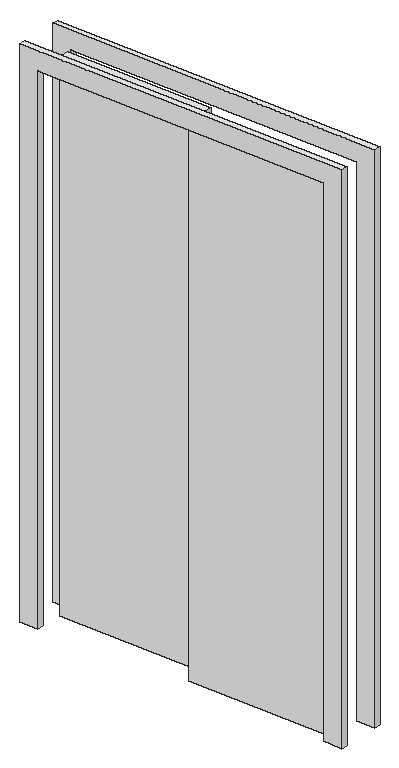
Revit family
Parameters (values of type "1200 x 2100 mm")
  프레임 투영 외부 = 25 mm
  프레임 투영 내부 = 25 mm
  프레임 폭 = 75 mm
  Function = (empty or 0)
  Assembly Code = ""
  Height = 2100 mm
  Wall Closure = (empty or 0)
  Width = 1200 mm
Reference planes
  plane 1: y = 0
  plane 2 "중심(왼쪽/오른쪽)": x = 0
  plane 3 "좌측면": x = -600
  plane 4 "오른쪽": x = 600
  plane 5: z = 2100
  plane 6 "외부": y = 75
  plane 7 "내부": y = -75
Forms (mm)
  Extrusion 1, solid, material "문틀"
    sketch origin (-3050, -75, 0) x (1, 0, 0) y (0, 0, 1)
      loop
        line (2375, 0) -> (2450, 0) -> (2450, 2100) -> (3650, 2100) -> (3650, 0) -> (3725, 0) -> (3725, 2175) -> (2375, 2175) -> (2375, 0)
    from 0 to 25
  Extrusion 2, solid, material "문틀"
    sketch origin (-3050, 75, 0) x (-1, 0, 0) y (0, 0, 1)
      loop
        line (-2450, 0) -> (-2375, 0) -> (-2375, 2175) -> (-3725, 2175) -> (-3725, 0) -> (-3650, 0) -> (-3650, 2100) -> (-2450, 2100) -> (-2450, 0)
    from 0 to 25
  Extrusion 3, solid, material "문짝"
    sketch origin (0, 0, 0) x (1, 0, 0) y (0, 1, 0)
      loop
        line (0, -60) -> (600, -60) -> (600, -17) -> (0, -17) -> (0, -60)
      loop
        line (-600, 60) -> (-600, 17) -> (0, 17) -> (0, 60) -> (-600, 60)
    from 0 to 2100
Lines and regions (mm)
  Opening 1
    outline origin (-3050, -75, 0) x (1, 0, 0) y (0, 0, 1)
      loop
        line (2450, 0) -> (3650, 0) -> (3650, 2100) -> (2450, 2100) -> (2450, 0)
  symbolic lines, style "입면도 스윙"
    curve 1: line (600, -75, 1050) -> (-318.75, -75, 2100)
    curve 2: line (600, -75, 1050) -> (-600, -75, 0)
    curve 3: line (-600, 75, 0) -> (600, 75, 1050)
    curve 4: line (600, 75, 1050) -> (-600, 75, 2421.429)
  symbolic lines
    curve 5: line (-600, 75, 0) -> (600, 75, 0)
    curve 6: line (-600, -75, 0) -> (600, -75, 0)
    curve 7: line (-600, 0, 0) -> (600, 0, 0)
    curve 8: line (0, 75, 0) -> (0, -75, 0)
Text (mm)
  text "외부" at (-2295.016, 1099.543, 0), in view "참조 레벨"
  text "외부" at (0, 1615.38, 3698.081), in view "좌측면"
  text "외부" at (0, 1036.032, 3874.932), in view "오른쪽"
Dimensions and locks
  equal spacing: plane 3 "좌측면", plane 2 "중심(왼쪽/오른쪽)", plane 4 "오른쪽"
  "Width": plane 3 "좌측면" to plane 4 "오른쪽"
  "Height": plane 5 to host wall
  equal spacing: host wall, curve 2, plane 5
  equal spacing: host wall, curve 4, plane 5
  "프레임 투영 외부": Extrusion 2 to Extrusion 2
  "프레임 투영 내부": Extrusion 1 to Extrusion 1
  "프레임 폭": plane 3 "좌측면" to Extrusion 1 sketch curve
  "프레임 폭": plane 4 "오른쪽" to Extrusion 1 sketch curve
  "프레임 폭": Extrusion 1 sketch curve to plane 5
  "프레임 폭": plane 4 "오른쪽" to Extrusion 2 sketch curve
  "프레임 폭": plane 3 "좌측면" to Extrusion 2 sketch curve
  "프레임 폭": plane 5 to Extrusion 2 sketch curve
  locked: plane 6 "외부" to host wall at 0
  locked: plane 7 "내부" to host wall
  Extrusion 3 to Extrusion 3 to plane 4 "오른쪽" = 600 mm, 0 mm
  aligned and locked: plane 3 "좌측면" to Opening 1 sketch curve
  aligned and locked: plane 5 to Opening 1 sketch curve  (x2)
  aligned and locked: Opening 1 sketch curve to plane 4 "오른쪽"
  aligned and locked: Opening 1 sketch curve to level
  aligned and locked: level to Extrusion 1 sketch curve
  aligned and locked: plane 5 to Extrusion 1 sketch curve  (x2)
  aligned and locked: Extrusion 1 sketch curve to plane 4 "오른쪽"
  aligned and locked: plane 3 "좌측면" to Extrusion 1 sketch curve
  aligned and locked: plane 3 "좌측면" to Extrusion 2 sketch curve
  aligned and locked: plane 5 to Extrusion 2 sketch curve  (x2)
  aligned and locked: level to Extrusion 2 sketch curve
  aligned and locked: plane 5 to curve 1
  aligned and locked: plane 3 "좌측면" to curve 2
  aligned and locked: plane 1 to host wall
Automatic sketch dimensions
  Extrusion 2 sketch curve to plane 4 "오른쪽" = 0 mm
  Extrusion 1 sketch curve to level = 0 mm
  Extrusion 2 sketch curve to level = 0 mm
  curve 4 to plane 3 "좌측면" = 0 mm
  curve 3 to level = 0 mm
  curve 2 to level = 0 mm
  curve 3 to plane 3 "좌측면" = 0 mm
  curve 3 to plane 4 "오른쪽" = 0 mm
  curve 2 to plane 4 "오른쪽" = 0 mm
  Extrusion 3 sketch curve to plane 3 "좌측면" = 0 mm
  Extrusion 3 sketch curve to plane 2 "중심(왼쪽/오른쪽)" = 0 mm  (x2)
  Extrusion 3 sketch curve to plane 4 "오른쪽" = 0 mm
  Extrusion 3 sketch curve to host wall = 15 mm  (x2)
  Extrusion 3 sketch curve to host wall = 17 mm
  host wall to Extrusion 3 sketch curve = 17 mm
  curve 7 to host wall = 0 mm
  curve 7 to plane 3 "좌측면" = 0 mm
  curve 6 to host wall = 0 mm
  curve 6 to plane 3 "좌측면" = 0 mm
  curve 5 to host wall = 0 mm
  curve 5 to plane 3 "좌측면" = 0 mm
  curve 8 to plane 2 "중심(왼쪽/오른쪽)" = 0 mm
  curve 7 to plane 4 "오른쪽" = 0 mm
  curve 6 to plane 4 "오른쪽" = 0 mm
  curve 5 to plane 4 "오른쪽" = 0 mm
